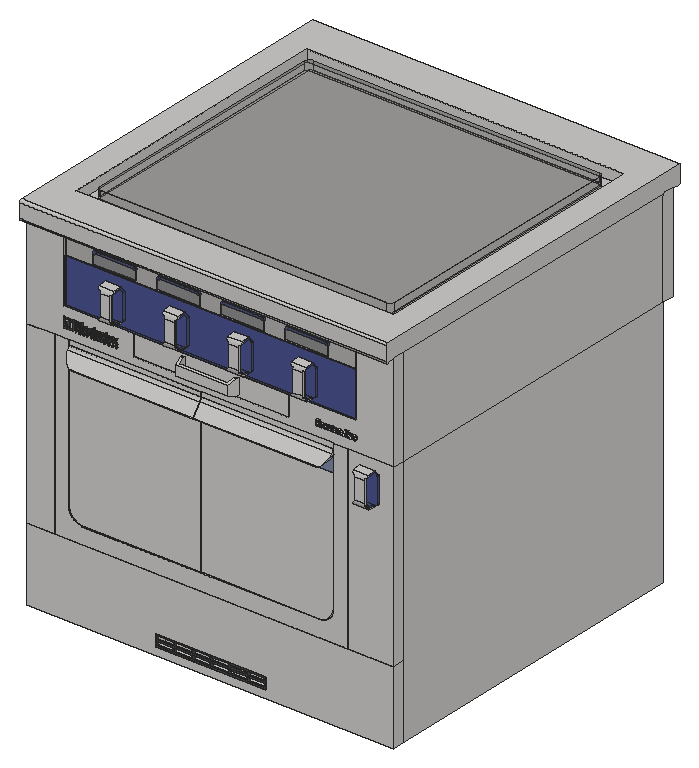
Revit family "QF_ELECTROLUXPROFESSIONAL_588466_MALQFAH4AO", category Attrezzature speciali, Revit 2020 (continued)
Definition of nested family "Front_Panel_W800_Four Knobs"
  Definition of nested family "ELX_Professional_Logo_Small"
    Forms (mm)
      Extrusion 2, solid, material <- "Material_Logo"
        sketch origin (15.5, 0, 0) x (1, 0, 0) y (0, 1, 0)
          loop
            spline (-4.441, -1.243) -> (-4.659, -1.247) -> (-4.894, -1.23) -> (-5.137, -1.19) -> (-5.384, -1.121) -> (-5.628, -1.021) -> (-5.864, -0.884) -> (-6.084, -0.708) -> (-6.283, -0.488) -> (-6.454, -0.219) -> (-6.592, 0.101) -> (-6.69, 0.478) -> (-6.742, 0.914)
            line (-6.742, 0.914) -> (-6.742, 4.587) -> (-4.487, 4.587) -> (-4.487, 6.838) -> (-6.738, 6.838) -> (-6.738, 10.824) -> (-9.217, 10.824) -> (-9.217, 0.773)
            spline (-9.217, 0.773) -> (-9.164, 0.19) -> (-9.068, -0.358) -> (-8.928, -0.87) -> (-8.742, -1.343) -> (-8.511, -1.777) -> (-8.232, -2.168) -> (-7.904, -2.515) -> (-7.527, -2.816) -> (-7.098, -3.069) -> (-6.618, -3.273) -> (-6.084, -3.426) -> (-5.496, -3.525)
            line (-5.496, -3.525) -> (-4.45, -3.573) -> (-4.441, -1.243)
          loop
            spline (3.898, 6.983) -> (3.469, 7.009) -> (3.056, 7.001) -> (2.661, 6.961) -> (2.283, 6.888) -> (1.925, 6.785) -> (1.588, 6.652) -> (1.272, 6.49) -> (0.979, 6.301) -> (0.71, 6.085) -> (0.465, 5.844) -> (0.247, 5.578) -> (0.056, 5.289)
            line (0.056, 5.289) -> (0.056, 6.838) -> (-2.402, 6.838) -> (-2.402, -3.572) -> (0.056, -3.572) -> (0.056, 1.901)
            spline (0.056, 1.901) -> (0.079, 2.316) -> (0.145, 2.703) -> (0.254, 3.06) -> (0.404, 3.386) -> (0.592, 3.679) -> (0.818, 3.938) -> (1.08, 4.162) -> (1.375, 4.348) -> (1.703, 4.495) -> (2.062, 4.602) -> (2.45, 4.668) -> (2.865, 4.69)
            line (2.865, 4.69) -> (3.898, 4.586) -> (3.898, 6.983)
          loop
            spline (15.638, 1.633) -> (15.586, 2.396) -> (15.435, 3.124) -> (15.192, 3.81) -> (14.863, 4.449) -> (14.455, 5.034) -> (13.975, 5.56) -> (13.43, 6.021) -> (12.826, 6.411) -> (12.17, 6.724) -> (11.469, 6.955) -> (10.729, 7.098) -> (9.958, 7.147)
            spline (9.958, 7.147) -> (9.182, 7.098) -> (8.44, 6.955) -> (7.737, 6.724) -> (7.081, 6.411) -> (6.477, 6.021) -> (5.933, 5.56) -> (5.454, 5.034) -> (5.048, 4.449) -> (4.721, 3.81) -> (4.479, 3.124) -> (4.329, 2.396) -> (4.277, 1.633)
            spline (4.277, 1.633) -> (4.329, 0.869) -> (4.479, 0.141) -> (4.721, -0.544) -> (5.048, -1.183) -> (5.454, -1.768) -> (5.933, -2.294) -> (6.477, -2.755) -> (7.081, -3.145) -> (7.737, -3.459) -> (8.44, -3.69) -> (9.182, -3.833) -> (9.958, -3.882)
            spline (9.958, -3.882) -> (10.729, -3.833) -> (11.469, -3.69) -> (12.17, -3.459) -> (12.826, -3.145) -> (13.43, -2.755) -> (13.975, -2.294) -> (14.455, -1.768) -> (14.863, -1.183) -> (15.192, -0.544) -> (15.435, 0.141) -> (15.586, 0.869) -> (15.638, 1.633)
          loop
            spline (13.18, 1.633) -> (13.151, 2.083) -> (13.067, 2.513) -> (12.932, 2.918) -> (12.748, 3.296) -> (12.52, 3.642) -> (12.251, 3.954) -> (11.943, 4.227) -> (11.601, 4.459) -> (11.228, 4.645) -> (10.828, 4.782) -> (10.403, 4.867) -> (9.958, 4.896)
            spline (9.958, 4.896) -> (9.509, 4.867) -> (9.081, 4.782) -> (8.679, 4.645) -> (8.306, 4.459) -> (7.964, 4.227) -> (7.658, 3.954) -> (7.39, 3.642) -> (7.163, 3.296) -> (6.981, 2.918) -> (6.847, 2.513) -> (6.765, 2.083) -> (6.736, 1.633)
            spline (6.736, 1.633) -> (6.765, 1.182) -> (6.847, 0.753) -> (6.981, 0.347) -> (7.163, -0.031) -> (7.39, -0.377) -> (7.658, -0.689) -> (7.964, -0.962) -> (8.306, -1.193) -> (8.679, -1.38) -> (9.081, -1.517) -> (9.509, -1.602) -> (9.958, -1.631)
            spline (9.958, -1.631) -> (10.403, -1.602) -> (10.828, -1.517) -> (11.228, -1.38) -> (11.601, -1.193) -> (11.943, -0.962) -> (12.251, -0.689) -> (12.52, -0.377) -> (12.748, -0.031) -> (12.932, 0.347) -> (13.067, 0.753) -> (13.151, 1.182) -> (13.18, 1.633)
          loop
            line (17.162, 4.269) -> (17.162, -3.573) -> (19.642, -3.573) -> (19.642, 10.824) -> (17.162, 10.824) -> (17.162, 4.269)
          loop
            line (28.581, 6.838) -> (28.581, 0.786)
            spline (28.581, 0.786) -> (28.561, 0.393) -> (28.503, 0.038) -> (28.409, -0.279) -> (28.281, -0.559) -> (28.122, -0.802) -> (27.933, -1.011) -> (27.717, -1.185) -> (27.476, -1.325) -> (27.213, -1.433) -> (26.929, -1.509) -> (26.626, -1.554) -> (26.308, -1.569)
            spline (26.308, -1.569) -> (25.99, -1.554) -> (25.688, -1.509) -> (25.404, -1.434) -> (25.141, -1.326) -> (24.9, -1.187) -> (24.684, -1.014) -> (24.496, -0.807) -> (24.336, -0.565) -> (24.209, -0.288) -> (24.115, 0.026) -> (24.057, 0.376) -> (24.037, 0.765)
            line (24.037, 0.765) -> (24.037, 6.838) -> (21.537, 6.838) -> (21.537, 0.558)
            spline (21.537, 0.558) -> (21.581, -0.153) -> (21.71, -0.8) -> (21.916, -1.384) -> (22.195, -1.904) -> (22.54, -2.362) -> (22.944, -2.757) -> (23.403, -3.09) -> (23.909, -3.362) -> (24.456, -3.572) -> (25.04, -3.722) -> (25.652, -3.811) -> (26.288, -3.841)
            spline (26.288, -3.841) -> (26.929, -3.811) -> (27.547, -3.72) -> (28.135, -3.568) -> (28.687, -3.355) -> (29.197, -3.079) -> (29.66, -2.741) -> (30.068, -2.341) -> (30.415, -1.877) -> (30.696, -1.349) -> (30.905, -0.757) -> (31.034, -0.101) -> (31.079, 0.621)
            line (31.079, 0.621) -> (31.079, 6.838) -> (28.581, 6.838)
          loop
            line (40.457, -0.243) -> (38.894, 1.942) -> (40.83, 4.579) -> (42.488, 6.837) -> (39.782, 6.837) -> (37.53, 3.719) -> (35.258, 6.837) -> (32.573, 6.837) -> (34.113, 4.731) -> (36.167, 1.922) -> (34.014, -1.076) -> (32.222, -3.573) -> (34.887, -3.573) -> (37.53, 0.104) -> (40.174, -3.573) -> (42.839, -3.573) -> (40.457, -0.243)
          loop
            line (-46.121, -5.837) -> (-48.039, -5.837) -> (-48.039, -10.814) -> (-47.016, -10.814) -> (-47.016, -9.128) -> (-46.121, -9.128)
            arc (-46.121, -9.128) -> (-44.476, -7.482) -> (-46.121, -5.837) r 1.645
          loop
            line (-46.163, -6.778) -> (-47.016, -6.778) -> (-47.016, -8.187) -> (-46.163, -8.187)
            arc (-46.163, -8.187) -> (-45.458, -7.482) -> (-46.163, -6.778) r 0.704
          loop
            line (-38.313, -5.837) -> (-40.265, -5.837) -> (-40.265, -10.814) -> (-39.241, -10.814) -> (-39.241, -9.1) -> (-38.46, -9.182) -> (-37.48, -10.814) -> (-36.318, -10.814) -> (-37.513, -8.848)
            arc (-37.513, -8.848) -> (-36.888, -8.266) -> (-36.671, -7.441) r 1.536
            arc (-36.671, -7.441) -> (-37.165, -6.305) -> (-38.313, -5.837) r 1.643
          loop
            arc (-38.402, -8.166) -> (-37.707, -7.505) -> (-38.334, -6.778) r 0.696
            line (-38.334, -6.778) -> (-39.241, -6.778) -> (-39.241, -8.166) -> (-38.402, -8.166)
          loop
            circle (-29.965, -8.325) r 2.585
          loop
            circle (-29.965, -8.325) r 1.64
          loop
            line (-23.1, -5.837) -> (-23.1, -10.814) -> (-22.076, -10.814) -> (-22.076, -8.768) -> (-20.204, -8.768) -> (-20.204, -7.828) -> (-22.076, -7.828) -> (-22.076, -6.778) -> (-20.024, -6.778) -> (-20.024, -5.837) -> (-23.1, -5.837)
          loop
            line (-15.802, -5.837) -> (-15.802, -9.2)
            arc (-15.802, -9.2) -> (-15.343, -10.34) -> (-14.209, -10.814) r 1.593
            line (-14.209, -10.814) -> (-12.602, -10.814) -> (-12.602, -10.027) -> (-14.004, -10.027)
            arc (-14.004, -10.027) -> (-14.552, -9.8) -> (-14.779, -9.252) r 0.775
            line (-14.779, -9.252) -> (-14.779, -8.424) -> (-12.789, -8.424) -> (-12.789, -7.642) -> (-14.779, -7.642) -> (-14.779, -6.778) -> (-12.651, -6.778) -> (-12.651, -5.837) -> (-15.802, -5.837)
          loop
            line (-5.909, -7.143) -> (-5.173, -6.638)
            arc (-5.173, -6.638) -> (-5.855, -5.974) -> (-6.781, -5.755) r 1.782
            arc (-6.781, -5.755) -> (-7.397, -5.878) -> (-7.944, -6.189) r 1.974
            arc (-7.944, -6.189) -> (-8.202, -6.5) -> (-8.317, -6.888) r 1.013
            arc (-8.317, -6.888) -> (-8.306, -7.341) -> (-8.192, -7.78) r 1.985
            arc (-8.192, -7.78) -> (-7.749, -8.259) -> (-7.171, -8.563) r 1.928
            arc (-7.171, -8.563) -> (-6.637, -8.779) -> (-6.131, -9.056) r 5.041
            arc (-6.131, -9.056) -> (-5.934, -9.387) -> (-6.09, -9.74) r 0.42
            arc (-6.09, -9.74) -> (-6.631, -9.96) -> (-7.204, -9.845) r 1.016
            arc (-7.204, -9.845) -> (-7.625, -9.603) -> (-7.889, -9.196) r 1.033
            line (-7.889, -9.196) -> (-8.67, -9.686)
            arc (-8.67, -9.686) -> (-8.361, -10.198) -> (-7.908, -10.589) r 1.914
            arc (-7.908, -10.589) -> (-7.334, -10.834) -> (-6.714, -10.896) r 2.063
            arc (-6.714, -10.896) -> (-5.947, -10.743) -> (-5.256, -10.376) r 2.696
            arc (-5.256, -10.376) -> (-4.95, -9.565) -> (-5.108, -8.712) r 1.618
            arc (-5.108, -8.712) -> (-5.448, -8.319) -> (-5.884, -8.035) r 1.876
            arc (-5.884, -8.035) -> (-6.434, -7.789) -> (-6.999, -7.577) r 9.883
            arc (-6.999, -7.577) -> (-7.325, -7.07) -> (-6.854, -6.694) r 0.45
            arc (-6.854, -6.694) -> (-6.329, -6.809) -> (-5.909, -7.143) r 1.197
          loop
            line (1.61, -7.143) -> (2.345, -6.638)
            arc (2.345, -6.638) -> (1.663, -5.974) -> (0.737, -5.755) r 1.782
            arc (0.737, -5.755) -> (0.121, -5.878) -> (-0.425, -6.189) r 1.974
            arc (-0.425, -6.189) -> (-0.683, -6.5) -> (-0.799, -6.888) r 1.013
            arc (-0.799, -6.888) -> (-0.788, -7.341) -> (-0.674, -7.78) r 1.985
            arc (-0.674, -7.78) -> (-0.231, -8.259) -> (0.347, -8.563) r 1.928
            arc (0.347, -8.563) -> (0.881, -8.779) -> (1.387, -9.056) r 5.041
            arc (1.387, -9.056) -> (1.584, -9.387) -> (1.428, -9.74) r 0.42
            arc (1.428, -9.74) -> (0.887, -9.96) -> (0.314, -9.845) r 1.016
            arc (0.314, -9.845) -> (-0.107, -9.603) -> (-0.371, -9.196) r 1.033
            line (-0.371, -9.196) -> (-1.152, -9.686)
            arc (-1.152, -9.686) -> (-0.842, -10.198) -> (-0.39, -10.589) r 1.914
            arc (-0.39, -10.589) -> (0.184, -10.834) -> (0.804, -10.896) r 2.063
            arc (0.804, -10.896) -> (1.572, -10.743) -> (2.263, -10.376) r 2.696
            arc (2.263, -10.376) -> (2.568, -9.565) -> (2.411, -8.712) r 1.618
            arc (2.411, -8.712) -> (2.07, -8.319) -> (1.635, -8.035) r 1.876
            arc (1.635, -8.035) -> (1.084, -7.789) -> (0.519, -7.577) r 9.883
            arc (0.519, -7.577) -> (0.193, -7.07) -> (0.665, -6.694) r 0.45
            arc (0.665, -6.694) -> (1.189, -6.809) -> (1.61, -7.143) r 1.197
          loop
            line (6.801, -5.837) -> (6.801, -10.814) -> (7.825, -10.814) -> (7.825, -5.837) -> (6.801, -5.837)
          loop
            circle (14.724, -8.325) r 1.548
          loop
            circle (14.724, -8.325) r 2.585
          loop
            line (21.59, -10.814) -> (22.623, -10.814) -> (22.623, -7.685) -> (24.9, -10.814) -> (25.895, -10.814) -> (25.895, -5.837) -> (24.861, -5.837) -> (24.861, -9.061) -> (22.585, -5.837) -> (21.59, -5.837) -> (21.59, -10.814)
          loop
            line (31.054, -10.814) -> (31.539, -9.74) -> (33.38, -9.74) -> (33.865, -10.814) -> (34.965, -10.814) -> (32.46, -5.837) -> (29.956, -10.814) -> (31.054, -10.814)
          loop
            line (32.46, -7.698) -> (31.999, -8.719) -> (32.921, -8.719) -> (32.46, -7.698)
          loop
            line (40.047, -9.873) -> (40.047, -5.837) -> (39.024, -5.837) -> (39.024, -10.814) -> (41.961, -10.814) -> (41.961, -9.873) -> (40.047, -9.873)
          loop
            line (-74.986, -10.814) -> (-53.322, -10.814) -> (-53.322, 10.82) -> (-74.986, 10.82) -> (-74.986, -10.814)
          loop
            line (-61.261, 9.758) -> (-61.261, -9.707)
            arc (-61.261, -9.707) -> (-54.066, 0.025) -> (-61.261, 9.758) r 10.18
          loop
            line (-62.251, 8.349) -> (-62.251, 9.758)
            arc (-62.251, 9.758) -> (-70.347, 7.918) -> (-74.247, 0.59) r 9.976
            line (-74.247, 0.59) -> (-71.026, 0.59)
            arc (-71.026, 0.59) -> (-65.274, 2.925) -> (-62.251, 8.349) r 9.351
          loop
            arc (-74.247, -0.539) -> (-70.353, -7.928) -> (-62.251, -9.957) r 10.237
            line (-62.251, -9.957) -> (-62.251, -8.298)
            arc (-62.251, -8.298) -> (-65.274, -2.874) -> (-71.026, -0.539) r 9.351
            line (-71.026, -0.539) -> (-74.247, -0.539)
        from 0 to 1.644
    Dimensions and locks
      aligned and locked: plane 2 to Extrusion 1
      aligned and locked: level to Extrusion 1
Definition of nested family "H450H2_2DOOR"
  Parameters
    Width [instance] = 580 mm
    Wdoor [instance] = Width / 2  # 290 mm
    Show Clearance [instance] = yes
    Model = "727995"
    Height = 450 mm
    Default Elevation = 0 mm
  Reference planes
    plane 1 "Center (Front/Back)": y = 0
    plane 2: z = 0
    plane 3 "Center (Left/Right)": x = 36.042
    plane 4 "panel": z = 25
    plane 5: x = -253.958
    plane 6: x = 326.042
    plane 7: y = 450
    plane 8: z = 290
    plane 9: z = 45
  Forms (mm)
    Extrusion 1, solid
      sketch origin (0, -919.2, 0) x (1, 0, 0) y (0, 1, 0)
        loop
          line (-980.5, 2119.2) -> (-980.5, -162.846) -> (881.94, -162.846) -> (881.94, 2119.2) -> (-980.5, 2119.2)
      from 0 to -59.546
    Extrusion 2, solid
      sketch origin (0, 0, 0) x (1, 0, 0) y (0, 1, 0)
        loop
          line (324.042, 393) -> (37.042, 393) -> (37.042, 97) -> (294.042, 97)
          arc (294.042, 97) -> (315.255, 105.787) -> (324.042, 127) r 30
          line (324.042, 127) -> (324.042, 393)
        loop
          arc (-251.958, 127) -> (-243.171, 105.787) -> (-221.958, 97) r 30
          line (-221.958, 97) -> (35.042, 97) -> (35.042, 393) -> (-251.958, 393) -> (-251.958, 127)
      from 0 to 25
    Extrusion 3, solid
      sketch origin (0, 0, 0) x (1, 0, 0) y (0, 1, 0)
        loop
          line (-251.958, 393) -> (35.042, 393) -> (35.042, 440) -> (-251.958, 440) -> (-251.958, 393)
        loop
          line (37.042, 440) -> (37.042, 393) -> (324.042, 393) -> (324.042, 440) -> (37.042, 440)
      from 0 to 25
    Extrusion 4, solid
      sketch origin (5.581, 79.805, 0) x (1, 0, 0) y (0, 1, 0)
        loop
          line (-257.539, 360.195) -> (29.461, 360.195) -> (29.461, 370.195) -> (-257.539, 370.195) -> (-257.539, 360.195)
        loop
          line (31.461, 370.195) -> (31.461, 360.195) -> (318.461, 360.195) -> (318.461, 370.195) -> (31.461, 370.195)
      from 0 to 25
    Extrusion 5, solid
      sketch origin (36.042, 0, 0) x (0, 1, 0) y (0, 0, 1)
        loop
          line (426.693, 25) -> (440.02, 25)
          arc (440.02, 25) -> (435.261, 25.775) -> (430.993, 28.02) r 15
          line (430.993, 28.02) -> (406.653, 46.362) -> (403.644, 42.369) -> (426.693, 25)
      from 1 to 288
    Extrusion 6, solid
      sketch origin (36.042, 0, 0) x (0, 1, 0) y (0, 0, 1)
        loop
          line (426.693, 25) -> (440.02, 25)
          arc (440.02, 25) -> (435.261, 25.775) -> (430.993, 28.02) r 15
          line (430.993, 28.02) -> (406.653, 46.362) -> (403.644, 42.369) -> (426.693, 25)
      from -288 to -1
    Extrusion 7, void
      sketch origin (0, 0, 0) x (1, 0, 0) y (0, 1, 0)
        loop
          arc (324.042, 426.693) -> (314.508, 412.772) -> (300.317, 403.644) r 42.603
          line (300.317, 403.644) -> (324.042, 403.644) -> (324.042, 426.693)
      from 0 to 47.9
    Extrusion 8, void
      sketch origin (72.084, 0, 0) x (-1, 0, 0) y (0, -1, 0)
        loop
          line (324.042, -426.693) -> (324.042, -403.644) -> (300.317, -403.644)
          arc (300.317, -403.644) -> (314.508, -412.772) -> (324.042, -426.693) r 42.603
      from 0 to 47.9
    Extrusion 9, solid, detail levels coarse
      sketch origin (0, 0, 0) x (1, 0, 0) y (0, 0, 1)
        loop
          arc (36.042, 25) -> (-41.575, 212.383) -> (-228.958, 290) r 265
          line (-228.958, 290) -> (-228.958, 25) -> (36.042, 25)
      from -450 to -97
    Extrusion 10, solid, detail levels coarse
      sketch origin (0, 0, 0) x (1, 0, 0) y (0, 0, 1)
        loop
          arc (301.042, 290) -> (113.659, 212.383) -> (36.042, 25) r 265
          line (36.042, 25) -> (301.042, 25) -> (301.042, 290)
      from -450 to -97
  Cuts and joins
    Extrusion 8 cuts Extrusion 6
    Extrusion 7 cuts Extrusion 5
  Lines and regions (mm)
    symbolic lines
      curve 1: line (326.042, 0, 45) -> (326.042, 0, 290)
      curve 2: line (301.042, 0, 45) -> (301.042, 0, 290)
      curve 3: line (326.042, 0, 290) -> (301.042, 0, 290)
      curve 4: line (-253.958, 0, 45) -> (-253.958, 0, 290)
      curve 5: line (-228.958, 0, 45) -> (-228.958, 0, 290)
      curve 6: line (-253.958, 0, 290) -> (-228.958, 0, 290)
      curve 7: arc (301.042, 0, 290) -> (120.901, 0, 219.356) -> (36.804, 0, 45.088) r 265
      curve 8: arc (35.286, 0, 44.997) -> (-48.783, 0, 219.325) -> (-228.958, 0, 290) r 265
  Dimensions and locks
    plane 4 "panel" to level = 25 mm
    "Width": plane 5 to plane 6
    equal spacing: plane 5, plane 3 "Center (Left/Right)", plane 6
    "Height": plane 1 "Center (Front/Back)" to plane 7
    locked: plane 5 to Extrusion 2 sketch curve at 2
    locked: Extrusion 2 sketch curve to plane 6 at 2
    locked: plane 1 "Center (Front/Back)" to Extrusion 2 sketch curve at 97
    locked: plane 7 to Extrusion 2 sketch curve at 57
    locked: Extrusion 2 sketch curve to plane 3 "Center (Left/Right)" at 1
    locked: plane 3 "Center (Left/Right)" to Extrusion 2 sketch curve at 1
    Extrusion 3 sketch curve to Extrusion 2 = 47 mm
    "Wdoor": plane 8 to level
    locked: curve 2 to curve 1 at 25
    locked: curve 5 to curve 4 at 25
    plane 4 "panel" to plane 9 = 20 mm
    aligned and locked: plane 2 to Extrusion 1
    aligned and locked: level to Extrusion 1
    aligned and locked: plane 4 "panel" to Extrusion 2
    aligned and locked: Extrusion 2 to Extrusion 3 sketch curve
    aligned and locked: Extrusion 3 sketch curve to Extrusion 2  (x2)
    aligned and locked: Extrusion 3 sketch curve to Extrusion 3 sketch curve
    aligned and locked: plane 4 "panel" to Extrusion 3
    aligned and locked: Extrusion 4 sketch curve to Extrusion 4 sketch curve
    aligned and locked: Extrusion 4 sketch curve to Extrusion 3  (x3)
    aligned and locked: Extrusion 3 to Extrusion 4 sketch curve
    aligned and locked: Extrusion 4 sketch curve to plane 7
    aligned and locked: Extrusion 3 to Extrusion 5
    aligned and locked: Extrusion 5 to Extrusion 3
    aligned and locked: Extrusion 6 to Extrusion 3
    aligned and locked: Extrusion 3 to Extrusion 6
    aligned and locked: Extrusion 7 sketch curve to Extrusion 5
    aligned and locked: Extrusion 8 to Extrusion 6
    aligned and locked: Extrusion 4 to Extrusion 8
    aligned and locked: Extrusion 2 to Extrusion 7
    aligned and locked: Extrusion 7 to Extrusion 5
    aligned and locked: Extrusion 4 to Extrusion 3  (x2)
    aligned and locked: Extrusion 3 to Extrusion 2
    aligned and locked: Extrusion 4 to Extrusion 2
    aligned and locked: curve 3 to plane 8
    aligned and locked: curve 1 to plane 6
    aligned and locked: curve 4 to plane 5
    aligned and locked: Extrusion 9 sketch curve to plane 4 "panel"
    aligned and locked: Extrusion 10 sketch curve to curve 7
    aligned and locked: Extrusion 10 sketch curve to curve 2
    aligned and locked: Extrusion 2 to Extrusion 9
    aligned and locked: Extrusion 2 to Extrusion 10
    aligned and locked: plane 7 to Extrusion 9
    aligned and locked: Extrusion 3 to Extrusion 4
  Automatic sketch dimensions
    Extrusion 1 sketch curve to Extrusion 1 sketch curve = 1862.44 mm
    Extrusion 1 sketch curve to Extrusion 1 sketch curve = 2282.046 mm
    Extrusion 2 sketch curve to Extrusion 2 sketch curve = 30 mm  (x2)
    Extrusion 2 sketch curve to plane 1 "Center (Front/Back)" = 97 mm
    Extrusion 2 sketch curve to Extrusion 2 sketch curve = 0 mm
    Extrusion 3 sketch curve to plane 3 "Center (Left/Right)" = 1 mm
    plane 5 to Extrusion 3 sketch curve = 2 mm
    Extrusion 3 sketch curve to Extrusion 3 sketch curve = 0 mm
    Extrusion 5 sketch curve to plane 4 "panel" = 0 mm
    plane 4 "panel" to Extrusion 5 sketch curve = 17.369 mm
    Extrusion 5 sketch curve to plane 7 = 46.356 mm
    plane 4 "panel" to Extrusion 5 sketch curve = 21.362 mm
    Extrusion 5 sketch curve to Extrusion 5 sketch curve = 3.009 mm
    plane 4 "panel" to Extrusion 5 sketch curve = 3.02 mm
    Extrusion 5 sketch curve to Extrusion 5 sketch curve = 9.027 mm
    Extrusion 6 sketch curve to plane 4 "panel" = 0 mm
    plane 4 "panel" to Extrusion 6 sketch curve = 17.369 mm
    Extrusion 6 sketch curve to plane 7 = 46.356 mm
    plane 4 "panel" to Extrusion 6 sketch curve = 21.362 mm
    Extrusion 6 sketch curve to Extrusion 6 sketch curve = 3.009 mm
    plane 4 "panel" to Extrusion 6 sketch curve = 3.02 mm
    Extrusion 6 sketch curve to Extrusion 6 sketch curve = 9.027 mm
    Extrusion 7 sketch curve to Extrusion 7 sketch curve = 23.725 mm
    Extrusion 7 sketch curve to plane 7 = 6.671 mm
    Extrusion 7 sketch curve to plane 6 = 41.221 mm
    Extrusion 7 sketch curve to plane 7 = 23.307 mm
    plane 7 to Extrusion 8 sketch curve = 6.671 mm
    Extrusion 8 sketch curve to plane 5 = 41.221 mm
    Extrusion 8 sketch curve to plane 5 = 25.725 mm
    Extrusion 8 sketch curve to plane 5 = 2 mm
    plane 7 to Extrusion 8 sketch curve = 23.307 mm
    Extrusion 4 sketch curve to Extrusion 4 sketch curve = 10 mm
    Extrusion 4 sketch curve to plane 7 = 10 mm
    curve 2 to plane 9 = 0 mm
    curve 5 to plane 9 = 0 mm
    curve 4 to plane 9 = 0 mm
    curve 1 to plane 9 = 0 mm
    curve 8 to plane 4 "panel" = 0 mm
    curve 5 to plane 8 = 0 mm
    curve 8 to plane 9 = 0.003 mm
    curve 7 to plane 4 "panel" = 0 mm
    plane 9 to curve 7 = 0.088 mm
Definition of nested family "Warm"
  Reference planes
    plane 1 "Center (Front/Back)": y = 0
    plane 2: z = 0
    plane 3 "Center (Left/Right)": x = 0
  Lines and regions (mm)
    detail lines, in view "Ref. Level"
      curve 1: circle (-165.742, 180.331, 0) r 45 normal (0, 0, 1)
      curve 2: line (-165.742, 125.331, 0) -> (-165.742, 80.331, 0)
      curve 3: line (-165.742, 235.331, 0) -> (-165.742, 280.331, 0)
      curve 4: line (-105.742, 180.331, 0) -> (-65.742, 180.331, 0)
      curve 5: line (-220.742, 180.331, 0) -> (-265.742, 180.331, 0)
      curve 6: line (-126.851, 141.44, 0) -> (-95.031, 109.62, 0)
      curve 7: line (-204.632, 219.221, 0) -> (-236.452, 251.041, 0)
      curve 8: line (-126.851, 219.221, 0) -> (-95.031, 251.041, 0)
      curve 9: line (-204.632, 141.44, 0) -> (-236.452, 109.62, 0)
